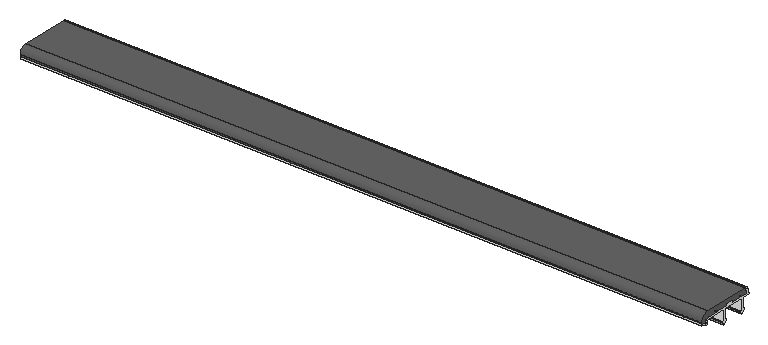
Revit family "Stair_Tread-Wooster-Spectra_Safety_Treads-WP3C", category Specialty Equipment, host Face, Revit 2017
Family settings
  Host = Face
  Round Connector Dimension = Use Diameter
  Part Type = Normal
  OmniClass Number = 23.30.70.21.11.11.11
  OmniClass Title = Stair Nosings
  Cut with Voids When Loaded = No
  Shared = No
  Room Calculation Point = No
Parameters (values of type "WP3C")
  Width [instance] = 0' - 3 1/16"  # constant formula
  Version = "2017 - v2.0a"  # constant formula
  URL = "http://www.wooster-products.com/"
  Support Phone = "(224) 699-9545"  # constant formula
  Support Email = "mailto:support@anguleris.com"
  Safety Tread [instance] = Filler - Wooster - Black - Abrasive Filler
  Product Page URL = "http://www.woosterproducts.com/products/extruded-aluminum/spectra/"
  Product Name = "Spectra Nosings"  # constant formula
  Product Documentation Link = "http://www.woosterproducts.com/spec/WP3C.pdf"
  Model = "WP3C"
  Material = ""
  Manufacturer Phone Number = "1-800-321-4936 or 330-264-2844"  # constant formula
  Manufacturer Fax Number = "330-262-4151"  # constant formula
  Manufacturer Email = "mailto:tim@wooster-products.com"
  Manufacturer Address = "1000 Spruce Street, P.O. BOX 6005, Wooster, OH. 44691"  # constant formula
  Manufacturer = "Wooster Productions Inc"  # constant formula
  Length Constraint [instance] = if(Length > 10' 0", 10' 0", Length)  # 3' - 0"
  Length [instance] = 3' - 0"
  Description = "Anti-Slip Stair Nosing"  # constant formula
  Depth = 0' - 0 3/8"  # constant formula
  Default Elevation = 0' - 0"  # constant formula
  Copyright = "Wooster Products Inc. 2019"  # constant formula
  Construction Type = "New Construction"  # constant formula
Values of the unnamed type that differ from the named types
  Support Email = ""
  Product Page URL = "http://www.wooster-products.com/Spectra_Safety_Treads.html"
  Product Documentation Link = "http://wooster-products.com/pub/Specs/WP3C.pdf"
  Manufacturer Email = ""
Reference planes (in)
  plane 1 "Center (Front/Back)": y = 0
  plane 2: z = 0
  plane 3 "Center (Left/Right)": x = 0
  plane 4 "Left": x = -18
  plane 5 "Right": x = 18
  plane 6 "Back": y = 1.53125
  plane 7 "Front": y = -1.53125
  plane 8 "Bottom": z = -0.35937
  plane 9: z = 0.01563
Forms (in)
  Sweep 1, solid, material "Filler - Wooster - Black - Abrasive Filler" <- "Safety Tread"
    path origin (0, 24.07204, 0.01563) x (0, 1, 0) y (-1, 0, 0)
      loop
        line (-22.54079, -18) -> (-22.54079, 18)
    profile "WP3C Abrasive Filler : WP3C Abrasive Filler" origin (0, 1.53125, 0.01562) x (0, -1, 0) y (0, 0, 1)
      loop
        line (0.16344, 0) -> (0.08193, -0.30423) -> (0.49402, -0.30423) -> (0.469, -0.21086) -> (0.594, -0.21086) -> (0.56898, -0.30424) -> (1.08802, -0.30424) -> (1.063, -0.21086) -> (1.438, -0.21086) -> (1.41298, -0.30421) -> (2.08802, -0.30421) -> (2.063, -0.21086) -> (2.188, -0.21086) -> (2.16298, -0.30424) -> (2.61747, -0.30424)
        arc (2.61747, -0.30424) -> (2.67895, -0.31418) -> (2.73416, -0.343) r 0.19502
        line (2.73416, -0.343) -> (2.74403, -0.30617) -> (2.81049, -0.37263) -> (2.77367, -0.3825)
        arc (2.77367, -0.3825) -> (2.80619, -0.45011) -> (2.81076, -0.525) r 0.19496
        line (2.81076, -0.525) -> (3.0625, -0.45755) -> (3.0625, -0.375)
        arc (3.0625, -0.375) -> (2.95267, -0.10983) -> (2.6875, 0) r 0.375
        line (2.6875, 0) -> (0.16344, 0)
  Sweep 2, void
    path origin (0, 24.07204, 0.01563) x (0, 1, 0) y (-1, 0, 0)
      loop
        line (-22.54079, 18) -> (-22.54079, -18)
    profile "WP3C Void : WP3C Void" origin (0, 1.53125, 0.01562) x (0, 1, 0) y (0, 0, 1)
      loop
        line (-0.10044, 0) -> (-0.16344, 0) -> (-3.0625, 0) -> (-3.0625, -0.52755) -> (-2.7425, -0.61329) -> (-2.7425, -0.49985)
        arc (-2.7425, -0.49985) -> (-2.70589, -0.41147) -> (-2.6175, -0.37486) r 0.125
        line (-2.6175, -0.37486) -> (0, -0.37486) -> (-0.10044, 0)
  Sweep 3, solid, material "Metal - Wooster - Extruded Aluminum"
    path origin (0, 24.07204, 0.01563) x (0, 1, 0) y (-1, 0, 0)
      loop
        line (-22.54079, 18) -> (-22.54079, -18)
    profile "WP3C Aluminum Base : WP3C Aluminum Base" origin (0, 1.53125, 0.01562) x (0, 1, 0) y (0, 0, 1)
      loop
        line (-0.10044, 0) -> (-0.16344, 0) -> (-0.08193, -0.30423) -> (-0.49402, -0.30423) -> (-0.469, -0.21086) -> (-0.594, -0.21086) -> (-0.56898, -0.30424) -> (-1.08802, -0.30424) -> (-1.063, -0.21086) -> (-1.438, -0.21086) -> (-1.41298, -0.30421) -> (-2.08802, -0.30421) -> (-2.063, -0.21086) -> (-2.188, -0.21086) -> (-2.16298, -0.30424) -> (-2.61747, -0.30424)
        arc (-2.61747, -0.30424) -> (-2.67895, -0.31418) -> (-2.73416, -0.343) r 0.19502
        line (-2.73416, -0.343) -> (-2.74403, -0.30617) -> (-2.81049, -0.37263) -> (-2.77367, -0.3825)
        arc (-2.77367, -0.3825) -> (-2.80619, -0.45011) -> (-2.81076, -0.525) r 0.19496
        line (-2.81076, -0.525) -> (-3.0625, -0.45755) -> (-3.0625, -0.52755) -> (-2.7425, -0.61329) -> (-2.7425, -0.49985)
        arc (-2.7425, -0.49985) -> (-2.70589, -0.41147) -> (-2.6175, -0.37486) r 0.125
        line (-2.6175, -0.37486) -> (-1.667, -0.37486)
        arc (-1.667, -0.37486) -> (-1.63377, -0.38862) -> (-1.62, -0.42186) r 0.047
        line (-1.62, -0.42186) -> (-1.62, -1.00522) -> (-1.71375, -0.91147) -> (-1.71375, -0.99986) -> (-1.58875, -1.12486) -> (-1.46375, -0.99986) -> (-1.46375, -0.91147) -> (-1.5575, -1.00522) -> (-1.5575, -0.42185)
        arc (-1.5575, -0.42185) -> (-1.54373, -0.38862) -> (-1.5105, -0.37486) r 0.04699
        line (-1.5105, -0.37486) -> (-0.4845, -0.37486)
        arc (-0.4845, -0.37486) -> (-0.45127, -0.38862) -> (-0.4375, -0.42186) r 0.047
        line (-0.4375, -0.42186) -> (-0.4375, -1.01419) -> (-0.53125, -0.92044) -> (-0.53125, -0.99986) -> (-0.40625, -1.12486) -> (-0.28125, -0.99986) -> (-0.28125, -0.91147) -> (-0.375, -1.00522) -> (-0.375, -0.42185)
        arc (-0.375, -0.42185) -> (-0.36123, -0.38862) -> (-0.328, -0.37486) r 0.047
        line (-0.328, -0.37486) -> (0, -0.37486) -> (-0.10044, 0)
Lines and regions (in)
  Masking region 1
    outline origin (0, 0, 0) x (1, 0, 0) y (0, 1, 0)
      loop
        line (-18, 1.53125) -> (-18, -1.53125) -> (18, -1.53125) -> (18, 1.53125) -> (-18, 1.53125)
Dimensions and locks (in)
  equal spacing: plane 4 "Left", plane 3 "Center (Left/Right)", plane 5 "Right"
  "Length Constraint": plane 4 "Left" to plane 5 "Right"
  equal spacing: plane 7 "Front", plane 1 "Center (Front/Back)", plane 6 "Back"
  "Width": plane 7 "Front" to plane 6 "Back"
  locked: plane 9 to plane 8 "Bottom" at 0.375
  locked: plane 2 to plane 8 "Bottom" at 0.35938
  aligned and locked: plane 2 to host face
  aligned and locked: level to host face
  aligned and locked: plane 6 "Back" to Sweep 1 sketch curve
  aligned and locked: plane 5 "Right" to Sweep 1 sketch curve
  aligned and locked: plane 4 "Left" to Sweep 1 sketch curve
  aligned and locked: Sweep 2 sketch curve to plane 6 "Back"
  aligned and locked: plane 4 "Left" to Sweep 2 sketch curve
  aligned and locked: plane 5 "Right" to Sweep 2 sketch curve
  aligned and locked: Sweep 3 sketch curve to plane 6 "Back"
  aligned and locked: plane 4 "Left" to Sweep 3 sketch curve
  aligned and locked: plane 5 "Right" to Sweep 3 sketch curve
  aligned and locked: Masking region 1 sketch curve to plane 6 "Back"
  aligned and locked: plane 4 "Left" to Masking region 1 sketch curve
  aligned and locked: Masking region 1 sketch curve to plane 7 "Front"
  aligned and locked: plane 5 "Right" to Masking region 1 sketch curve
Automatic sketch dimensions
  host sketch curve to host sketch curve = 8' - 0"
  host sketch curve to host sketch curve = 4' - 0"
